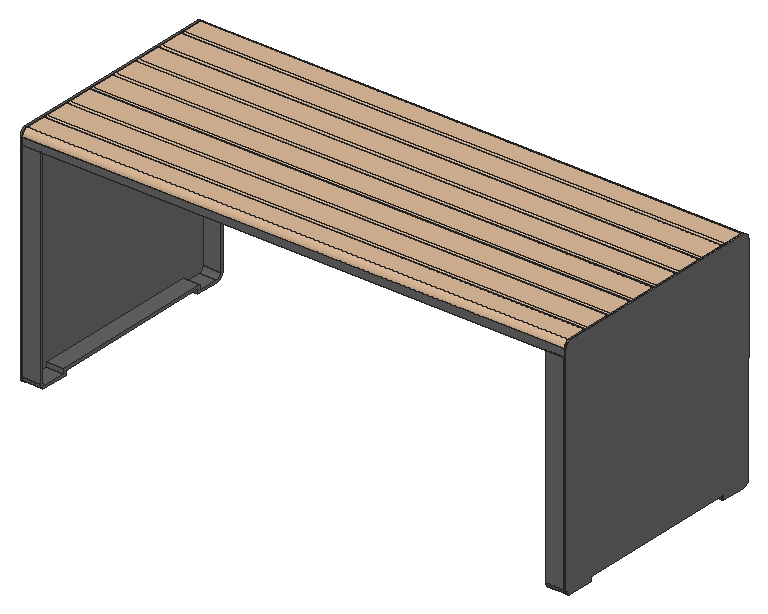
Revit family "1113-S-L", category Meble, Revit 2021
Family settings
  Numer OmniClass = 23.40.20.00
  Tytuł OmniClass = General Furniture and Specialties
  Oparty na płaszczyźnie roboczej = Nie
  Zawsze pionowo = Tak
  Tnij formami wycięć po wczytaniu = Nie
  Współdzielony = Nie
  Punkt obliczania pomieszczeń = Nie
Parameters (values of type "1113-S-L")
  wood = Mobilis Design Wood - Larch
  metal = Mobilis Design RAL 9004
  Width = "75 cm"
  Weight = "85 kg"
  URL = ""
  Product line = "Centaurus"
  Product Groups = ""
  Manufacturer = ""
  Keynote = ""
  Description = ""
  Model = "1113-S-L"
  Material = ""
  Maintenance = ""
  Lenght = "180 cm"
  Type Comments = ""
  Kobenhagen Materials = "larslaj.com/bim"
  Hosted on = ""
  Height = "75 cm"
  Domyślna rzędna = 0 mm
  Copyright = "All designs and drawings are the common intellectual property of Lars Laj A/S and Tress and are protected by Danish and international copyright laws."
Reference planes
  plane 1 "front": y = 0
  plane 2: z = 0
  plane 3 "Środek (Lewa/Prawa)": x = 0
  plane 4 "left": x = -893.125
  plane 5 "right": x = 895.483
  plane 6: x = -833.125
Forms (mm)
  Extrusion 1, solid, material "Mobilis Design Wood - Larch" <- "wood"
    sketch origin (0, -426.258, 319.828) x (0, 1, 0) y (0, 0, 1)
      loop
        arc (244.222, 429.703) -> (240.686, 428.239) -> (239.222, 424.703) r 5
        line (239.222, 424.703) -> (239.222, 388.972)
        arc (239.222, 388.972) -> (239.796, 387.586) -> (241.182, 387.012) r 1.96
        line (241.182, 387.012) -> (327.222, 387.012)
        arc (327.222, 387.012) -> (328.636, 387.598) -> (329.222, 389.012) r 2
        line (329.222, 389.012) -> (329.222, 424.703)
        arc (329.222, 424.703) -> (327.757, 428.239) -> (324.222, 429.703) r 5
        line (324.222, 429.703) -> (244.222, 429.703)
    from -893.125 to 895.483
  Extrusion 2, solid, material "Mobilis Design Wood - Larch" <- "wood"
    sketch origin (0, -528.708, 319.828) x (0, 1, 0) y (0, 0, 1)
      loop
        arc (252.671, 429.703) -> (249.136, 428.239) -> (247.671, 424.703) r 5
        line (247.671, 424.703) -> (247.671, 388.972)
        arc (247.671, 388.972) -> (248.245, 387.586) -> (249.631, 387.012) r 1.96
        line (249.631, 387.012) -> (335.671, 387.012)
        arc (335.671, 387.012) -> (337.085, 387.598) -> (337.671, 389.012) r 2
        line (337.671, 389.012) -> (337.671, 424.703)
        arc (337.671, 424.703) -> (336.207, 428.239) -> (332.671, 429.703) r 5
        line (332.671, 429.703) -> (252.671, 429.703)
    from -893.125 to 895.483
  Extrusion 3, solid, material "Mobilis Design Wood - Larch" <- "wood"
    sketch origin (0, -630.895, 319.828) x (0, 1, 0) y (0, 0, 1)
      loop
        arc (275.801, 429.704) -> (261.616, 423.828) -> (255.74, 409.642) r 20.061
        line (255.74, 409.642) -> (258.916, 409.642) -> (258.916, 387.013) -> (344.172, 387.013)
        arc (344.172, 387.013) -> (345.585, 387.598) -> (346.171, 389.012) r 1.999
        line (346.171, 389.012) -> (346.171, 424.706)
        arc (346.171, 424.706) -> (344.707, 428.24) -> (341.173, 429.704) r 4.998
        line (341.173, 429.704) -> (275.801, 429.704)
    from -893.125 to 895.483
  Extrusion 4, solid, material "Mobilis Design RAL 9004" <- "metal", not visible
    sketch origin (0, 0, 0) x (0, 1, 0) y (0, 0, 1)
      loop
        arc (71.187, 451.5) -> (57.045, 445.642) -> (51.187, 431.5) r 20
        line (51.187, 431.5) -> (51.187, 18.231)
        arc (51.187, 18.231) -> (56.527, 5.34) -> (69.418, 0) r 18.231
        line (69.418, 0) -> (153.638, 0) -> (153.638, 15) -> (448.638, 15) -> (448.638, 0) -> (527.023, 0)
        arc (527.023, 0) -> (542.307, 6.331) -> (548.638, 21.615) r 21.615
        line (548.638, 21.615) -> (548.638, 429.407)
        arc (548.638, 429.407) -> (542.168, 445.029) -> (526.545, 451.5) r 22.093
        line (526.545, 451.5) -> (71.187, 451.5)
    from 750.378 to 745
  Extrusion 5, solid, material "Mobilis Design RAL 9004" <- "metal", not visible
    sketch origin (0, 0, 0) x (0, 1, 0) y (0, 0, 1)
      loop
        line (548.638, 396.844) -> (629.375, 854.725) -> (601.836, 859.581)
        arc (601.836, 859.581) -> (585.224, 855.898) -> (576.082, 841.547) r 22.232
        line (576.082, 841.547) -> (507.306, 451.5) -> (526.545, 451.5)
        arc (526.545, 451.5) -> (542.168, 445.029) -> (548.638, 429.407) r 22.093
        line (548.638, 429.407) -> (548.638, 396.844)
    from 745 to 750.378
  Extrusion 6, solid, material "Mobilis Design RAL 9004" <- "metal"
    sketch origin (0, -426.143, 0) x (0, -1, 0) y (0, 0, 1)
      loop
        line (-71.187, 749.531) -> (-779.045, 749.531)
        arc (-779.045, 749.531) -> (-794.668, 743.06) -> (-801.138, 727.438) r 22.093
        line (-801.138, 727.438) -> (-801.138, 21.615)
        arc (-801.138, 21.615) -> (-794.807, 6.331) -> (-779.523, 0) r 21.615
        line (-779.523, 0) -> (-701.138, 0) -> (-701.138, 15) -> (-153.638, 15) -> (-153.638, 0) -> (-69.418, 0)
        arc (-69.418, 0) -> (-56.527, 5.34) -> (-51.187, 18.231) r 18.231
        line (-51.187, 18.231) -> (-51.187, 729.531)
        arc (-51.187, 729.531) -> (-57.045, 743.673) -> (-71.187, 749.531) r 20
    from 899.598 to 893.125
  Extrusion 7, solid, material "Mobilis Design RAL 9004" <- "metal"
    sketch origin (0, -426.143, 0) x (0, 1, 0) y (0, 0, 1)
      loop
        line (801.138, 23.296) -> (801.138, 707) -> (51.187, 707) -> (51.187, 18.763)
        arc (51.187, 18.763) -> (56.683, 5.495) -> (69.95, 0) r 18.763
        line (69.95, 0) -> (153.638, 0) -> (153.638, 15) -> (701.138, 15) -> (701.138, 0) -> (777.842, 0)
        arc (777.842, 0) -> (794.315, 6.823) -> (801.138, 23.296) r 23.296
      loop
        line (58.687, 701) -> (58.687, 18.763)
        arc (58.687, 18.763) -> (61.986, 10.799) -> (69.95, 7.5) r 11.263
        line (69.95, 7.5) -> (146.138, 7.5) -> (146.138, 22.5) -> (708.638, 22.5) -> (708.638, 7.5) -> (777.842, 7.5)
        arc (777.842, 7.5) -> (789.012, 12.127) -> (793.638, 23.296) r 15.796
        line (793.638, 23.296) -> (793.638, 701) -> (58.687, 701)
    from -893.125 to -833.125
  Extrusion 8, solid, material "Mobilis Design RAL 9004" <- "metal"
    sketch origin (0, -426.228, 298.368) x (0, 1, 0) y (0, 0, 1)
      loop
        line (53.936, 431.102) -> (51.187, 431.102) -> (51.187, 405.994) -> (75.281, 405.994) -> (75.281, 408.472) -> (53.936, 408.472) -> (53.936, 431.102)
    from -893.125 to 895.483
  Extrusion 9, solid, material "Mobilis Design Wood - Larch" <- "wood"
    sketch origin (0, 630.276, 319.828) x (0, -1, 0) y (0, 0, -1)
      loop
        line (275.801, -429.704) -> (342.815, -429.704)
        arc (342.815, -429.704) -> (346.349, -428.24) -> (347.813, -424.706) r 4.998
        line (347.813, -424.706) -> (347.813, -389.012)
        arc (347.813, -389.012) -> (347.227, -387.598) -> (345.813, -387.013) r 1.999
        line (345.813, -387.013) -> (258.705, -387.013) -> (258.705, -409.642) -> (255.74, -409.642)
        arc (255.74, -409.642) -> (261.616, -423.828) -> (275.801, -429.704) r 20.061
    from -893.125 to 895.483
  Extrusion 10, solid, material "Mobilis Design Wood - Larch" <- "wood"
    sketch origin (0, -237.508, 319.828) x (0, 1, 0) y (0, 0, 1)
      loop
        arc (244.222, 429.703) -> (240.686, 428.239) -> (239.222, 424.703) r 5
        line (239.222, 424.703) -> (239.222, 388.972)
        arc (239.222, 388.972) -> (239.796, 387.586) -> (241.182, 387.012) r 1.96
        line (241.182, 387.012) -> (327.222, 387.012)
        arc (327.222, 387.012) -> (328.636, 387.598) -> (329.222, 389.012) r 2
        line (329.222, 389.012) -> (329.222, 424.703)
        arc (329.222, 424.703) -> (327.757, 428.239) -> (324.222, 429.703) r 5
        line (324.222, 429.703) -> (244.222, 429.703)
    from -893.125 to 895.483
  Extrusion 11, solid, material "Mobilis Design Wood - Larch" <- "wood"
    sketch origin (0, -339.958, 319.828) x (0, 1, 0) y (0, 0, 1)
      loop
        arc (252.671, 429.703) -> (249.136, 428.239) -> (247.671, 424.703) r 5
        line (247.671, 424.703) -> (247.671, 388.972)
        arc (247.671, 388.972) -> (248.245, 387.586) -> (249.631, 387.012) r 1.96
        line (249.631, 387.012) -> (335.671, 387.012)
        arc (335.671, 387.012) -> (337.085, 387.598) -> (337.671, 389.012) r 2
        line (337.671, 389.012) -> (337.671, 424.703)
        arc (337.671, 424.703) -> (336.207, 428.239) -> (332.671, 429.703) r 5
        line (332.671, 429.703) -> (252.671, 429.703)
    from -893.125 to 895.483
  Extrusion 12, solid, material "Mobilis Design Wood - Larch" <- "wood"
    sketch origin (0, -49.508, 319.828) x (0, 1, 0) y (0, 0, 1)
      loop
        arc (244.222, 429.703) -> (240.686, 428.239) -> (239.222, 424.703) r 5
        line (239.222, 424.703) -> (239.222, 388.972)
        arc (239.222, 388.972) -> (239.796, 387.586) -> (241.182, 387.012) r 1.96
        line (241.182, 387.012) -> (327.222, 387.012)
        arc (327.222, 387.012) -> (328.636, 387.598) -> (329.222, 389.012) r 2
        line (329.222, 389.012) -> (329.222, 424.703)
        arc (329.222, 424.703) -> (327.757, 428.239) -> (324.222, 429.703) r 5
        line (324.222, 429.703) -> (244.222, 429.703)
    from -893.125 to 895.483
  Extrusion 13, solid, material "Mobilis Design Wood - Larch" <- "wood"
    sketch origin (0, -152.583, 319.828) x (0, 1, 0) y (0, 0, 1)
      loop
        arc (252.671, 429.703) -> (249.136, 428.239) -> (247.671, 424.703) r 5
        line (247.671, 424.703) -> (247.671, 388.972)
        arc (247.671, 388.972) -> (248.245, 387.586) -> (249.631, 387.012) r 1.96
        line (249.631, 387.012) -> (335.671, 387.012)
        arc (335.671, 387.012) -> (337.085, 387.598) -> (337.671, 389.012) r 2
        line (337.671, 389.012) -> (337.671, 424.703)
        arc (337.671, 424.703) -> (336.207, 428.239) -> (332.671, 429.703) r 5
        line (332.671, 429.703) -> (252.671, 429.703)
    from -893.125 to 895.483
  Extrusion 14, solid, material "Mobilis Design Wood - Larch" <- "wood", not visible
    sketch origin (0, -896.088, 385.255) x (0, 1, 0) y (0, 0, 1)
      loop
        arc (244.222, 429.703) -> (240.686, 428.239) -> (239.222, 424.703) r 5
        line (239.222, 424.703) -> (239.222, 388.972)
        arc (239.222, 388.972) -> (239.796, 387.586) -> (241.182, 387.012) r 1.96
        line (241.182, 387.012) -> (327.222, 387.012)
        arc (327.222, 387.012) -> (328.636, 387.598) -> (329.222, 389.012) r 2
        line (329.222, 389.012) -> (329.222, 424.703)
        arc (329.222, 424.703) -> (327.757, 428.239) -> (324.222, 429.703) r 5
        line (324.222, 429.703) -> (244.222, 429.703)
    from -745.625 to 745.937
  Extrusion 15, solid, material "Mobilis Design Wood - Larch" <- "wood", not visible
    sketch origin (0, -998.538, 385.255) x (0, 1, 0) y (0, 0, 1)
      loop
        arc (252.671, 429.703) -> (249.136, 428.239) -> (247.671, 424.703) r 5
        line (247.671, 424.703) -> (247.671, 388.972)
        arc (247.671, 388.972) -> (248.245, 387.586) -> (249.631, 387.012) r 1.96
        line (249.631, 387.012) -> (335.671, 387.012)
        arc (335.671, 387.012) -> (337.085, 387.598) -> (337.671, 389.012) r 2
        line (337.671, 389.012) -> (337.671, 424.703)
        arc (337.671, 424.703) -> (336.207, 428.239) -> (332.671, 429.703) r 5
        line (332.671, 429.703) -> (252.671, 429.703)
    from -745.625 to 745.937
  Extrusion 16, solid, material "Mobilis Design Wood - Larch" <- "wood", not visible
    sketch origin (0, -1101.038, 385.255) x (0, 1, 0) y (0, 0, 1)
      loop
        arc (275.801, 429.704) -> (261.616, 423.828) -> (255.74, 409.642) r 20.061
        line (255.74, 409.642) -> (258.916, 409.642) -> (258.916, 387.013) -> (344.172, 387.013)
        arc (344.172, 387.013) -> (345.585, 387.598) -> (346.171, 389.012) r 1.999
        line (346.171, 389.012) -> (346.171, 424.706)
        arc (346.171, 424.706) -> (344.707, 428.24) -> (341.173, 429.704) r 4.998
        line (341.173, 429.704) -> (275.801, 429.704)
    from -745.625 to 745.937
  Extrusion 17, solid, material "Mobilis Design RAL 9004" <- "metal", not visible
    sketch origin (0, -896.058, 363.795) x (0, 1, 0) y (0, 0, 1)
      loop
        line (53.936, 431.102) -> (51.187, 431.102) -> (51.187, 407.787) -> (53.936, 407.787) -> (53.936, 431.102)
    from -745.625 to 745.937
  Extrusion 18, solid, material "Mobilis Design Wood - Larch" <- "wood", not visible
    sketch origin (0, 162.946, 385.255) x (0, -1, 0) y (0, 0, -1)
      loop
        line (275.801, -429.704) -> (342.815, -429.704)
        arc (342.815, -429.704) -> (346.349, -428.24) -> (347.813, -424.706) r 4.998
        line (347.813, -424.706) -> (347.813, -389.012)
        arc (347.813, -389.012) -> (347.227, -387.598) -> (345.813, -387.013) r 1.999
        line (345.813, -387.013) -> (258.705, -387.013) -> (258.705, -409.642) -> (255.74, -409.642)
        arc (255.74, -409.642) -> (261.616, -423.828) -> (275.801, -429.704) r 20.061
    from -745.625 to 745.938
  Extrusion 19, solid, material "Mobilis Design RAL 9004" <- "metal", not visible
    sketch origin (0, -41.823, 363.795) x (0, -1, 0) y (0, 0, -1)
      loop
        line (53.936, -431.102) -> (53.936, -407.787) -> (51.187, -407.787) -> (51.187, -431.102) -> (53.936, -431.102)
    from -745.625 to 745.938
  Extrusion 20, solid, material "Mobilis Design Wood - Larch" <- "wood", not visible
    sketch origin (0, -707.338, 385.255) x (0, 1, 0) y (0, 0, 1)
      loop
        arc (244.222, 429.703) -> (240.686, 428.239) -> (239.222, 424.703) r 5
        line (239.222, 424.703) -> (239.222, 388.972)
        arc (239.222, 388.972) -> (239.796, 387.586) -> (241.182, 387.012) r 1.96
        line (241.182, 387.012) -> (327.222, 387.012)
        arc (327.222, 387.012) -> (328.636, 387.598) -> (329.222, 389.012) r 2
        line (329.222, 389.012) -> (329.222, 424.703)
        arc (329.222, 424.703) -> (327.757, 428.239) -> (324.222, 429.703) r 5
        line (324.222, 429.703) -> (244.222, 429.703)
    from -745.625 to 745.937
  Extrusion 21, solid, material "Mobilis Design Wood - Larch" <- "wood", not visible
    sketch origin (0, -809.788, 385.255) x (0, 1, 0) y (0, 0, 1)
      loop
        arc (252.671, 429.703) -> (249.136, 428.239) -> (247.671, 424.703) r 5
        line (247.671, 424.703) -> (247.671, 388.972)
        arc (247.671, 388.972) -> (248.245, 387.586) -> (249.631, 387.012) r 1.96
        line (249.631, 387.012) -> (335.671, 387.012)
        arc (335.671, 387.012) -> (337.085, 387.598) -> (337.671, 389.012) r 2
        line (337.671, 389.012) -> (337.671, 424.703)
        arc (337.671, 424.703) -> (336.207, 428.239) -> (332.671, 429.703) r 5
        line (332.671, 429.703) -> (252.671, 429.703)
    from -745.625 to 745.937
  Extrusion 22, solid, material "Mobilis Design Wood - Larch" <- "wood", not visible
    sketch origin (0, -519.338, 385.255) x (0, 1, 0) y (0, 0, 1)
      loop
        arc (244.222, 429.703) -> (240.686, 428.239) -> (239.222, 424.703) r 5
        line (239.222, 424.703) -> (239.222, 388.972)
        arc (239.222, 388.972) -> (239.796, 387.586) -> (241.182, 387.012) r 1.96
        line (241.182, 387.012) -> (327.222, 387.012)
        arc (327.222, 387.012) -> (328.636, 387.598) -> (329.222, 389.012) r 2
        line (329.222, 389.012) -> (329.222, 424.703)
        arc (329.222, 424.703) -> (327.757, 428.239) -> (324.222, 429.703) r 5
        line (324.222, 429.703) -> (244.222, 429.703)
    from -745.625 to 745.937
  Extrusion 23, solid, material "Mobilis Design Wood - Larch" <- "wood", not visible
    sketch origin (0, -621.788, 385.255) x (0, 1, 0) y (0, 0, 1)
      loop
        arc (252.671, 429.703) -> (249.136, 428.239) -> (247.671, 424.703) r 5
        line (247.671, 424.703) -> (247.671, 388.972)
        arc (247.671, 388.972) -> (248.245, 387.586) -> (249.631, 387.012) r 1.96
        line (249.631, 387.012) -> (335.671, 387.012)
        arc (335.671, 387.012) -> (337.085, 387.598) -> (337.671, 389.012) r 2
        line (337.671, 389.012) -> (337.671, 424.703)
        arc (337.671, 424.703) -> (336.207, 428.239) -> (332.671, 429.703) r 5
        line (332.671, 429.703) -> (252.671, 429.703)
    from -745.625 to 745.937
  Extrusion 24, solid, material "Mobilis Design RAL 9004" <- "metal"
    sketch origin (0, -426.143, 0) x (0, -1, 0) y (0, 0, -1)
      loop
        arc (-71.187, -749.531) -> (-57.045, -743.673) -> (-51.187, -729.531) r 20
        line (-51.187, -729.531) -> (-51.187, -18.231)
        arc (-51.187, -18.231) -> (-56.527, -5.34) -> (-69.418, 0) r 18.231
        line (-69.418, 0) -> (-153.638, 0) -> (-153.638, -15) -> (-701.138, -15) -> (-701.138, 0) -> (-779.523, 0)
        arc (-779.523, 0) -> (-794.807, -6.331) -> (-801.138, -21.615) r 21.615
        line (-801.138, -21.615) -> (-801.138, -727.438)
        arc (-801.138, -727.438) -> (-794.668, -743.06) -> (-779.045, -749.531) r 22.093
        line (-779.045, -749.531) -> (-71.187, -749.531)
    from 899.598 to 893.125
  Extrusion 25, solid, material "Mobilis Design RAL 9004" <- "metal"
    sketch origin (0, -426.143, 0) x (0, 1, 0) y (0, 0, -1)
      loop
        arc (801.138, -23.296) -> (794.315, -6.823) -> (777.842, 0) r 23.296
        line (777.842, 0) -> (701.138, 0) -> (701.138, -15) -> (153.638, -15) -> (153.638, 0) -> (69.95, 0)
        arc (69.95, 0) -> (56.683, -5.495) -> (51.187, -18.763) r 18.763
        line (51.187, -18.763) -> (51.187, -707) -> (801.138, -707) -> (801.138, -23.296)
      loop
        line (58.687, -701) -> (793.638, -701) -> (793.638, -23.296)
        arc (793.638, -23.296) -> (789.012, -12.127) -> (777.842, -7.5) r 15.796
        line (777.842, -7.5) -> (708.638, -7.5) -> (708.638, -22.5) -> (146.138, -22.5) -> (146.138, -7.5) -> (69.95, -7.5)
        arc (69.95, -7.5) -> (61.986, -10.799) -> (58.687, -18.763) r 11.263
        line (58.687, -18.763) -> (58.687, -701)
    from -893.125 to -833.125
  Extrusion 26, solid, material "Mobilis Design RAL 9004" <- "metal"
    sketch origin (285, -374.893, 0) x (-1, 0, 0) y (0, -1, 0)
      loop
        line (33.187, -23.946) -> (-26.813, -23.946) -> (-26.813, -725.803) -> (33.187, -725.803) -> (33.187, -23.946)
    from 704.362 to 706.84
  Extrusion 27, solid, material "Mobilis Design RAL 9004" <- "metal"
    sketch origin (0, 426.191, 298.368) x (0, -1, 0) y (0, 0, -1)
      loop
        line (53.936, -431.102) -> (53.936, -408.472) -> (75.281, -408.472) -> (75.281, -405.994) -> (51.187, -405.994) -> (51.187, -431.102) -> (53.936, -431.102)
    from -893.125 to 895.483
  Extrusion 28, solid, material "Mobilis Design RAL 9004" <- "metal"
    sketch origin (-285, -374.893, 0) x (1, 0, 0) y (0, 1, 0)
      loop
        line (33.187, 23.946) -> (33.187, 725.803) -> (-26.813, 725.803) -> (-26.813, 23.946) -> (33.187, 23.946)
    from 704.362 to 706.84
Lines and regions (mm)
  model lines, style "8"
    curve 1: line (0, -545.392, 1054) -> (0, -532.892, 1054)
    curve 2: line (0, -545.392, 1054) -> (0, -532.892, 1054)
Dimensions and locks
  Extrusion 1 sketch curve to Extrusion 1 sketch curve = 90 mm
  Extrusion 1 sketch curve to Extrusion 1 sketch curve = 42.691 mm
  Extrusion 2 sketch curve to Extrusion 2 sketch curve = 90 mm
  Extrusion 2 sketch curve to Extrusion 2 sketch curve = 42.691 mm
  Extrusion 3 sketch curve to Extrusion 3 sketch curve = 42.691 mm
  Extrusion 9 sketch curve to Extrusion 9 sketch curve = 42.691 mm
  Extrusion 10 sketch curve to Extrusion 10 sketch curve = 90 mm
  Extrusion 10 sketch curve to Extrusion 10 sketch curve = 42.691 mm
  Extrusion 11 sketch curve to Extrusion 11 sketch curve = 90 mm
  Extrusion 11 sketch curve to Extrusion 11 sketch curve = 42.691 mm
  Extrusion 12 sketch curve to Extrusion 12 sketch curve = 90 mm
  Extrusion 12 sketch curve to Extrusion 12 sketch curve = 42.691 mm
  Extrusion 13 sketch curve to Extrusion 13 sketch curve = 90 mm
  Extrusion 13 sketch curve to Extrusion 13 sketch curve = 42.691 mm
  Extrusion 14 sketch curve to Extrusion 14 sketch curve = 90 mm
  Extrusion 14 sketch curve to Extrusion 14 sketch curve = 42.691 mm
  Extrusion 15 sketch curve to Extrusion 15 sketch curve = 90 mm
  Extrusion 15 sketch curve to Extrusion 15 sketch curve = 42.691 mm
  Extrusion 16 sketch curve to Extrusion 16 sketch curve = 42.691 mm
  Extrusion 18 sketch curve to Extrusion 18 sketch curve = 42.691 mm
  Extrusion 20 sketch curve to Extrusion 20 sketch curve = 90 mm
  Extrusion 20 sketch curve to Extrusion 20 sketch curve = 42.691 mm
  Extrusion 21 sketch curve to Extrusion 21 sketch curve = 90 mm
  Extrusion 21 sketch curve to Extrusion 21 sketch curve = 42.691 mm
  Extrusion 22 sketch curve to Extrusion 22 sketch curve = 90 mm
  Extrusion 22 sketch curve to Extrusion 22 sketch curve = 42.691 mm
  Extrusion 23 sketch curve to Extrusion 23 sketch curve = 90 mm
  Extrusion 23 sketch curve to Extrusion 23 sketch curve = 42.691 mm
  Extrusion 7 sketch curve to Extrusion 6 = 749.951 mm
  Extrusion 25 sketch curve to Extrusion 24 = 749.951 mm
  aligned and locked: level to plane 2
  aligned and locked: plane 5 "right" to Extrusion 1
  aligned and locked: Extrusion 1 to plane 4 "left"
  aligned and locked: plane 5 "right" to Extrusion 2
  aligned and locked: plane 5 "right" to Extrusion 3
  aligned and locked: Extrusion 2 to plane 4 "left"
  aligned and locked: Extrusion 3 to plane 4 "left"
  aligned and locked: plane 4 "left" to Extrusion 6
  aligned and locked: Extrusion 7 to plane 4 "left"
  aligned and locked: plane 6 to Extrusion 7
  aligned and locked: Extrusion 8 to plane 4 "left"
  aligned and locked: plane 5 "right" to Extrusion 8
  aligned and locked: plane 5 "right" to Extrusion 9
